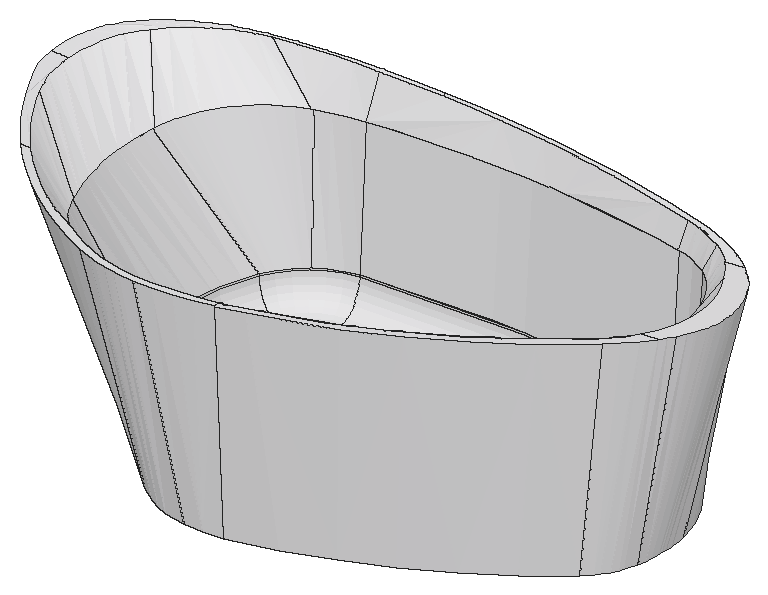
Revit family "Bath-Freestanding-KOHLER-Veil-K-8331_1", category Plumbing Fixtures, host Face, Revit 2022
Family settings
  Host = Face
  Round Connector Dimension = Use Diameter
  Part Type = Normal
  OmniClass Number = 23.31.15.00
  OmniClass Title = Bathtubs
  Cut with Voids When Loaded = No
  Maintain Annotation Orientation = No
  Shared = No
  Room Calculation Point = No
Parameters (values of type "White Drain, 0-White")
  Width = 65 99/256"  # constant formula
  WaterSense Certified = 1 = 0  # no
  Waste Water Outlet = "Waste Water Outlet"  # constant formula
  Waste Connection = 1 = 1  # yes
  Vent Connection = 1 = 0  # no
  URL = "http://www.us.kohler.com/us/"
  Secondary Finish = Kohler-Metal-0-White
  Product Page URL = "http://www.us.kohler.com/us/catalog/productDetails.jsp?productId=8331"
  Product Name = "Veil"  # constant formula
  Product Documentation Link = "https://www.us.kohler.com/webassets/kpna/catalog/pdf/en/K-8331_spec_US-CA_Kohler_en.pdf"
  Model = "K-8331-0"  # constant formula
  Material = "Lithocast Gloss"  # constant formula
  Master Format 2014 Name = "Residential Bathtubs"  # constant formula
  Master Format 2014 = "22 41 19"  # constant formula
  Manufacturer Address = "444 Highland Dr, Kohler, WI 53044"  # constant formula
  Manufacturer = "Kohler Co."  # constant formula
  Length = 36 235/256"  # constant formula
  Hot Water Inlet = "Hot Water Inlet"  # constant formula
  Height = 24 3/8"  # constant formula
  HW Connection = 1 = 0  # no
  Finish = Kohler-Lithocast-0-White
  Environmental Product Declaration = ""
  Drain Included = 1 = 1  # yes
  Description = "65-7/16 inch x 36-7/16 inch freestanding bath with center toe-tap drain"  # constant formula
  Default Elevation = 0"
  Declare Label = ""
  Date Modified = "05/11/2022"  # constant formula
  Date Created = "05/11/2022"  # constant formula
  Copyright = "Copyright Kohler Co."  # constant formula
  Contact Us = "https://www.us.kohler.com/us/static/contact.jsp"
  Cold Water Inlet = "Cold Water Inlet"  # constant formula
  CW Connection = 1 = 0  # no
  Assembly Code = "D2010500"
  ADA Compliant = 1 = 0  # no
Types (4): name | Secondary Finish
  (no name) | Kohler-Metal-0-White
  White Drain, 0-White | Kohler-Metal-0-White
  Vibrant Brushed Nickel Drain, 0-White | Kohler-Metal-BN-Vibrant_Brushed_Nickel
  Polished Chrome Drain, 0-White | Kohler-Metal-CP-Polished_Chrome
Reference planes (in)
  plane 1 "Center (Front/Back)": y = 0
  plane 2: z = 0
  plane 3 "Center (Left/Right)": x = 0
  plane 4: x = 32.46063
  plane 5: x = -32.92609
  plane 6: y = 15.125
  plane 7: y = -21.79297
  plane 8: z = 24.375
  plane 9: x = 16.58268
  plane 10: y = 1.10531
  plane 11: y = -3.33366
  plane 12: x = -23.86842
  plane 13: x = -19.26354
  plane 14: x = 27.27189
  plane 15: x = 28.06072
  plane 16: y = 13.61353
  plane 17: y = -18.5231
  plane 18: y = -20.09217
  plane 19: z = 0.3937
Dimensions and locks (in)
  "Height": plane 8 to level
  plane 9 to plane 4 = 15.87795"
  plane 10 to plane 6 = 14.01969"
  "Length": plane 7 to plane 6
  "Width": plane 5 to plane 4
  plane 18 to plane 16 = 33.70571"
  plane 17 to plane 16 = 32.13663"
  plane 12 to plane 15 = 51.92913"
  plane 13 to plane 14 = 46.53543"
  plane 4 to plane 5 = 65 99/256"
  plane 6 to plane 7 = 36 235/256"
  aligned and locked: plane 2 to host face
  aligned and locked: level to host face
Automatic sketch dimensions
  host sketch curve to host sketch curve = 96"  (x2)
Nested families (in)
  nested 1: "K-8331" at (0, 0, 0), type "K-8331"
Connectors (in)
  piping at (16.58268, 1.10531, 0.36588), diameter 1.5, driven by "Waste Connection", driven by "Waste Water Outlet"
    settings: on nested 1, index 1, connector inside diameter 24", connector length 0", flow factor 0, pipe flow 0 GPM, pressure drop 0.00 psi, fitting loss kfactor 0, connector angle 0.00°, fixture units 0, engagement length 0", angle of deflection 0.00°, flow configuration 0, flow direction 2, fitting loss method 0, system type 16, joint type 0, gender type 0, connector reference index -1, connector utility 1, adjustable connector no, is connector primary yes, connector description "Waste Water Outlet"
Definition of nested family "K-8331"
  Parameters (values of type "K-8331")
    Sec finish = none
    Material = none
    Default Elevation = 0"
  Reference planes (in)
    plane 1 "Center (Front/Back)": y = 0
    plane 2: z = 0
    plane 3 "Center (Left/Right)": x = 0
    plane 4: y = 15.125
    plane 5: y = -21.79232
    plane 6: x = 32.46063
    plane 7: x = -32.9252
    plane 8: z = 24.37008
    plane 9: x = 16.58268
    plane 10 "Drain": y = 1.10531
    plane 11: x = 26.98204
    plane 12: y = -18.5231
    plane 13: y = -20.09217
    plane 14: y = 13.61353
    plane 15: x = 28.06072
    plane 16: x = 27.27189
    plane 17: x = -23.86842
    plane 18: x = -19.26354
  Forms (in)
    Blend 1, solid, material <- "Material", detail levels medium+fine
      base sketch origin (-80.78691, -73.24896, 0) x (0.987688, 0.156434, 0) y (-0.156434, 0.987688, 0)
        loop
          arc (72.40817, 65.46089) -> (72.21134, 63.1722) -> (72.21789, 60.87507) r 25.92512
          arc (72.21789, 60.87507) -> (74.03802, 52.48226) -> (78.50008, 45.14454) r 25.92512
          arc (78.50008, 45.14454) -> (80.98865, 42.99074) -> (83.98819, 41.63628) r 11.41732
          arc (83.98819, 41.63628) -> (85.92448, 41.25787) -> (87.89701, 41.21844) r 11.41732
          arc (87.89701, 41.21844) -> (101.98186, 43.88566) -> (115.02152, 49.84085) r 59.56272
          arc (115.02152, 49.84085) -> (116.88332, 51.45587) -> (118.1192, 53.58829) r 7.48031
          arc (118.1192, 53.58829) -> (118.86545, 56.34747) -> (119.07363, 59.1982) r 14.96863
          arc (119.07363, 59.1982) -> (118.7793, 61.51176) -> (118.01437, 63.71496) r 11.25287
          arc (118.01437, 63.71496) -> (116.23932, 66.12756) -> (113.67618, 67.6773) r 7.67717
          arc (113.67618, 67.6773) -> (98.09727, 71.94688) -> (82.03716, 73.68025) r 101.07915
          arc (82.03716, 73.68025) -> (79.80655, 73.47606) -> (77.68668, 72.75255) r 9.44882
          arc (77.68668, 72.75255) -> (74.12331, 69.7757) -> (72.40817, 65.46089) r 9.44882
      top sketch origin (-80.78691, -73.24896, 0) x (0.987688, 0.156434, 0) y (-0.156434, 0.987688, 0)
        loop
          arc (63.20718, 72.76576) -> (59.20206, 68.07924) -> (58.69084, 61.93571) r 10.03937
          arc (58.69084, 61.93571) -> (64.3821, 49.76474) -> (74.51251, 40.93877) r 32.47781
          arc (74.51251, 40.93877) -> (77.34863, 39.70611) -> (80.37096, 39.05144) r 15.74803
          arc (80.37096, 39.05144) -> (84.34714, 38.78202) -> (88.33098, 38.88951) r 42.12967
          arc (88.33098, 38.88951) -> (103.73791, 42.07317) -> (117.81587, 49.096) r 60.92271
          arc (117.81587, 49.096) -> (120.22874, 50.96546) -> (122.37035, 53.14039) r 22.8061
          arc (122.37035, 53.14039) -> (124.51435, 58.81653) -> (122.50259, 64.54088) r 8.85827
          arc (122.50259, 64.54088) -> (120.88439, 66.19) -> (119.00131, 67.52872) r 13.08196
          arc (119.00131, 67.52872) -> (116.69713, 68.73072) -> (114.28685, 69.7026) r 26.65327
          arc (114.28685, 69.7026) -> (98.52898, 74.00458) -> (82.33336, 76.13045) r 120.20416
          arc (82.33336, 76.13045) -> (77.08596, 76.21314) -> (71.85377, 75.80541) r 56.13385
          arc (71.85377, 75.80541) -> (67.3676, 74.74889) -> (63.20718, 72.76576) r 21.6268
      from 0 to 24.58641
    Sweep 2, void
      path origin (8.10504, -59.16986, 0.875) x (-0.156434, 0.987688, 0) y (0, 0, 1)
        loop
          line (36.12827, 21.72931) -> (38.62827, 21.72931) -> (52.12622, 21.4937)
          arc (52.12622, 21.4937) -> (58.63608, 21.47345) -> (65.14385, 21.63992) r 226.9498
          arc (65.14385, 21.63992) -> (72.16893, 22.41819) -> (79.01521, 24.17485) r 50.22875
      profile origin (2.45333, -23.48639, 22.60431) x (0, 0, -1) y (0.987688, 0.156434, 0)
        loop
          line (0.61082, 35.32831) -> (-4.55764, 35.32831) -> (-4.55764, -34.35674) -> (-2.05764, -34.35674)
          arc (-2.05764, -34.35674) -> (-0.05741, -18.10285) -> (0.61082, -1.73998) r 200.67231
          line (0.61082, -1.73998) -> (0.61082, 35.32831)
    Blend 3, void
      base sketch origin (-0.81971, -2.82121, 0) x (0.987688, 0.156434, 0) y (-0.156434, 0.987688, 0)
        loop
          arc (-15.06104, -8.79703) -> (-12.32139, -11.9919) -> (-8.72513, -14.1782) r 13.38583
          arc (-8.72513, -14.1782) -> (-5.99406, -14.96934) -> (-3.1575, -15.1658) r 13.38583
          arc (-3.1575, -15.1658) -> (11.79655, -12.54474) -> (25.49337, -5.99563) r 55.88609
          arc (25.49337, -5.99563) -> (26.90089, -4.67951) -> (27.79033, -2.97007) r 5.70866
          arc (27.79033, -2.97007) -> (28.49148, 0.67979) -> (28.30212, 4.39157) r 15.47406
          arc (28.30212, 4.39157) -> (27.44572, 6.86007) -> (25.8456, 8.92562) r 8.07087
          arc (25.8456, 8.92562) -> (24.49751, 9.93868) -> (22.96834, 10.64951) r 8.07087
          arc (22.96834, 10.64951) -> (7.61286, 14.63928) -> (-8.17054, 16.24968) r 104.11788
          arc (-8.17054, 16.24968) -> (-10.13709, 16.05152) -> (-11.99234, 15.36988) r 7.87402
          arc (-11.99234, 15.36988) -> (-13.73954, 14.13799) -> (-15.09098, 12.48152) r 7.87402
          arc (-15.09098, 12.48152) -> (-17.59689, 6.25599) -> (-17.94371, -0.44598) r 20.36921
          arc (-17.94371, -0.44598) -> (-16.96058, -4.77967) -> (-15.06104, -8.79703) r 20.36921
      top sketch origin (-0.81971, -2.82121, 0) x (0.987688, 0.156434, 0) y (-0.156434, 0.987688, 0)
        loop
          arc (-19.50892, -9.84782) -> (-15.34032, -13.81502) -> (-10.03491, -16.04406) r 15.94488
          arc (-10.03491, -16.04406) -> (-5.33551, -16.67357) -> (-0.59673, -16.51659) r 28.54737
          arc (-0.59673, -16.51659) -> (13.28649, -13.22551) -> (26.03463, -6.8177) r 61.37344
          spline (26.03463, -6.8177) -> (26.3446, -6.60077) -> (26.64179, -6.36671) -> (26.92529, -6.11628) -> (27.19418, -5.85024) -> (27.44759, -5.56939) -> (27.68474, -5.27465) -> (27.90491, -4.96702) -> (28.10734, -4.64745) -> (28.29134, -4.31694) -> (28.45638, -3.97656) -> (28.60196, -3.62738) -> (28.72761, -3.27049)
          spline (28.72761, -3.27049) -> (28.91651, -2.63768) -> (29.07986, -1.99783) -> (29.21744, -1.35195) -> (29.32899, -0.70106) -> (29.41432, -0.04621) -> (29.47332, 0.61155) -> (29.50591, 1.27115) -> (29.51202, 1.93149) -> (29.4916, 2.59153) -> (29.44472, 3.25022) -> (29.37148, 3.90652) -> (29.27196, 4.5594)
          spline (29.27196, 4.5594) -> (29.17518, 5.04049) -> (29.0525, 5.51559) -> (28.90431, 5.98334) -> (28.731, 6.44238) -> (28.53302, 6.89136) -> (28.31101, 7.32897) -> (28.06568, 7.75393) -> (27.79772, 8.16495) -> (27.50789, 8.56077) -> (27.19703, 8.94031) -> (26.86606, 9.30253) -> (26.51586, 9.64638)
          spline (26.51586, 9.64638) -> (26.2808, 9.85742) -> (26.03853, 10.06013) -> (25.78935, 10.25427) -> (25.53356, 10.43961) -> (25.27147, 10.61592) -> (25.0034, 10.78298) -> (24.72965, 10.94056) -> (24.45056, 11.08849) -> (24.16648, 11.22661) -> (23.87776, 11.35476) -> (23.58474, 11.47278) -> (23.28777, 11.58049)
          spline (23.28777, 11.58049) -> (20.74976, 12.41515) -> (18.19132, 13.18493) -> (15.61415, 13.88943) -> (13.01993, 14.52829) -> (10.41033, 15.10111) -> (7.78703, 15.6075) -> (5.15172, 16.04708) -> (2.50608, 16.4195) -> (-0.14818, 16.72451) -> (-2.80935, 16.96197) -> (-5.4757, 17.13173) -> (-8.14553, 17.23361)
          arc (-8.14553, 17.23361) -> (-10.42386, 17.17381) -> (-12.68387, 16.87937) r 22.06966
          arc (-12.68387, 16.87937) -> (-18.71032, 13.84899) -> (-22.15211, 8.04766) r 12.00787
          arc (-22.15211, 8.04766) -> (-22.91207, 1.47865) -> (-21.88481, -5.0539) r 24.46278
          arc (-21.88481, -5.0539) -> (-20.89937, -7.55122) -> (-19.50892, -9.84782) r 15.94488
      from 6.30023 to 19.68134
    Sweep 4, void
      path origin (-0.81971, -2.82121, 0) x (0.987688, 0.156434, 0) y (-0.156434, 0.987688, 0)
        loop
          arc (-15.09098, 12.48152) -> (-18.07541, 1.83803) -> (-15.06104, -8.79703) r 20.36921
          arc (-15.06104, -8.79703) -> (-9.97096, -13.59195) -> (-3.1575, -15.1658) r 13.38583
          arc (-3.1575, -15.1658) -> (11.79655, -12.54474) -> (25.49337, -5.99563) r 55.88609
          arc (25.49337, -5.99563) -> (26.90089, -4.67951) -> (27.79033, -2.97007) r 5.70866
          arc (27.79033, -2.97007) -> (28.49148, 0.67979) -> (28.30212, 4.39157) r 15.47406
          arc (28.30212, 4.39157) -> (26.49192, 8.25071) -> (22.96834, 10.64951) r 8.07087
          arc (22.96834, 10.64951) -> (7.61286, 14.63928) -> (-8.17054, 16.24968) r 104.11788
          arc (-8.17054, 16.24968) -> (-12.13603, 15.29355) -> (-15.09098, 12.48152) r 7.87402
      profile origin (-18.96011, -3.83343, 0) x (0.987467, 0.157824, 0) y (0, 0, 1)
        loop
          line (3.75006, 3.0717) -> (3.75006, 6.30023) -> (0, 6.30023) -> (0, 6.14257)
          arc (0, 6.14257) -> (0.89944, 3.97114) -> (3.07087, 3.0717) r 3.07087
          line (3.07087, 3.0717) -> (3.75006, 3.0717)
    Extrusion 5, void
      sketch origin (-0.81971, -2.82121, 0) x (0.987688, 0.156434, 0) y (-0.156434, 0.987688, 0)
        loop
          arc (-11.89037, 10.52729) -> (-14.32535, 1.8433) -> (-11.86594, -6.83379) r 16.61915
          arc (-11.86594, -6.83379) -> (-8.20185, -10.28541) -> (-3.2972, -11.41834) r 9.63577
          arc (-3.2972, -11.41834) -> (10.65341, -8.97316) -> (23.43115, -2.86351) r 52.13602
          arc (23.43115, -2.86351) -> (23.91406, -2.41196) -> (24.21922, -1.82546) r 1.9586
          arc (24.21922, -1.82546) -> (24.75045, 0.93988) -> (24.60698, 3.75212) r 11.724
          arc (24.60698, 3.75212) -> (23.63787, 5.81815) -> (21.7515, 7.10236) r 4.32081
          arc (21.7515, 7.10236) -> (6.94908, 10.94843) -> (-8.26584, 12.50083) r 100.36782
          arc (-8.26584, 12.50083) -> (-10.34274, 12.00007) -> (-11.89037, 10.52729) r 4.12395
      from 3.0717 to 6.30023
    Extrusion 6, void, detail levels medium+fine
      sketch origin (-0.81971, -2.82121, 0) x (0.987688, 0.156434, 0) y (-0.156434, 0.987688, 0)
        loop
          arc (-16.99559, 3.86115) -> (-15.23073, -4.27675) -> (-10.90419, -11.39161) r 25.13772
          arc (-10.90419, -11.39161) -> (-8.58726, -13.39687) -> (-5.79458, -14.65791) r 10.62992
          arc (-5.79458, -14.65791) -> (-3.99182, -15.01023) -> (-2.15533, -15.04694) r 10.62992
          arc (-2.15533, -15.04694) -> (11.74332, -12.41498) -> (24.6106, -6.53851) r 58.77532
          arc (24.6106, -6.53851) -> (26.27642, -5.0935) -> (27.38221, -3.18554) r 6.69291
          arc (27.38221, -3.18554) -> (28.08921, -0.5715) -> (28.28643, 2.12926) r 14.18123
          arc (28.28643, 2.12926) -> (28.0127, 4.28094) -> (27.30129, 6.32997) r 10.46547
          arc (27.30129, 6.32997) -> (25.7083, 8.49512) -> (23.40805, 9.88592) r 6.88976
          arc (23.40805, 9.88592) -> (7.9505, 14.12224) -> (-7.98451, 15.84211) r 100.29175
          arc (-7.98451, 15.84211) -> (-10.02923, 15.65493) -> (-11.97245, 14.99171) r 8.66142
          arc (-11.97245, 14.99171) -> (-15.23887, 12.26293) -> (-16.81108, 8.30769) r 8.66142
          arc (-16.81108, 8.30769) -> (-17.00193, 6.08851) -> (-16.99559, 3.86115) r 25.13772
      from 0 to 2.31891
    Extrusion 7, void, detail levels medium+fine
      sketch origin (11.88751, -7.37883, 0) x (-0.601815, -0.798636, 0) y (0, 0, 1)
        loop
          line (-8.82228, 19.25) -> (-10.82228, 19.25)
          arc (-10.82228, 19.25) -> (-11.07228, 19) -> (-10.82228, 18.75) r 0.25
          line (-10.82228, 18.75) -> (-8.82228, 18.75)
          arc (-8.82228, 18.75) -> (-8.57228, 19) -> (-8.82228, 19.25) r 0.25
      from -11.18344 to -8.54181
    Revolve 8, solid, material <- "Sec finish", detail levels medium+fine
      sketch origin (0, 1.10531, 0) x (-1, 0, 0) y (0, 0, 1)
        loop
          line (-16.58268, 3.20154) -> (-16.58268, 2.14138) -> (-15.65518, 2.14138) -> (-15.65518, 2.51288) -> (-15.19811, 2.51288)
          arc (-15.19811, 2.51288) -> (-15.15411, 2.55688) -> (-15.19811, 2.60088) r 0.044
          line (-15.19811, 2.60088) -> (-15.94843, 2.60088) -> (-15.94843, 2.87104) -> (-15.19752, 2.87104)
          arc (-15.19752, 2.87104) -> (-15.15734, 2.90464) -> (-15.18331, 2.95013) r 0.04082
          arc (-15.18331, 2.95013) -> (-15.87179, 3.13819) -> (-16.58268, 3.20154) r 4.02012
        axis (-16.58268, 3.20154) -> (-16.58268, 2.14138)
      angle from 0 to 360
    Revolve 9, solid, material <- "Material", detail levels medium+fine
      sketch origin (0, 1.10531, 0) x (-1, 0, 0) y (0, 0, 1)
        loop
          line (-16.58268, 1.47465) -> (-16.58268, 0.36588) -> (-15.85015, 0.36588) -> (-15.85015, 0.11588) -> (-15.70497, 0.11588) -> (-15.6533, 0.16755) -> (-15.6533, 0.91988) -> (-15.54577, 0.91988) -> (-15.54577, 1.12637) -> (-15.3231, 1.12637) -> (-15.3231, 1.19288) -> (-15.08875, 1.19288) -> (-15.0817, 1.23288) -> (-15.44778, 1.23288)
          arc (-15.44778, 1.23288) -> (-15.27682, 1.30369) -> (-15.20601, 1.47465) r 0.24177
          line (-15.20601, 1.47465) -> (-16.58268, 1.47465)
        axis (-16.58268, 0.11588) -> (-16.58268, 1.47465)
      angle from 0 to 360
    Revolve 10, void
      sketch origin (0, 1.10531, 0) x (-1, 0, 0) y (0, 0, 1)
        loop
          line (-16.58268, 3.0717) -> (-16.58268, 2.51288) -> (-15.26464, 2.51288)
          arc (-15.26464, 2.51288) -> (-15.17375, 2.53512) -> (-15.10339, 2.59682) r 0.19685
          line (-15.10339, 2.59682) -> (-14.92942, 2.84527)
          arc (-14.92942, 2.84527) -> (-14.73964, 3.0117) -> (-14.49446, 3.0717) r 0.531
          line (-14.49446, 3.0717) -> (-16.58268, 3.0717)
        axis (-16.58268, 2.51288) -> (-16.58268, 3.0717)
      angle from 0 to 360
    Revolve 11, solid, material <- "Material", detail levels medium+fine
      sketch origin (0, 1.10531, 0) x (-1, 0, 0) y (0, 0, 1)
        loop
          line (-16.58268, 2.31891) -> (-16.58268, 1.44941) -> (-14.51415, 1.44941)
          arc (-14.51415, 1.44941) -> (-14.18258, 1.57487) -> (-14.01712, 1.88839) r 0.50086
          arc (-14.01712, 1.88839) -> (-13.86941, 2.1831) -> (-13.56903, 2.31891) r 0.49319
          line (-13.56903, 2.31891) -> (-16.58268, 2.31891)
        axis (-16.58268, 1.44941) -> (-16.58268, 2.31891)
      angle from 0 to 360
    Sweep 12, solid, material <- "Material", detail levels medium+fine
      path origin (0, 0, 0) x (1, 0, 0) y (0, 1, 0)
        loop
          arc (26.29611, -3.62003) -> (25.59455, -3.65254) -> (24.94862, -3.37682) r 1.5748
          line (24.94862, -3.37682) -> (18.38921, 1.38888)
          arc (18.38921, 1.38888) -> (16.60196, 1.1058) -> (16.88503, -0.68144) r 1.27953
          line (16.88503, -0.68144) -> (23.41092, -5.42277)
          arc (23.41092, -5.42277) -> (23.78506, -5.98799) -> (23.69669, -6.66003) r 0.96788
      profile origin (20.14798, -3.05211, 0) x (0.587785, 0.809017, 0) y (0, 0, 1)
        loop
          line (0.70247, 1.44941) -> (1.07972, 1.44941) -> (1.07972, 2.40375) -> (-0.45123, 2.40375)
          arc (-0.45123, 2.40375) -> (-0.08821, 2.27736) -> (0.10688, 1.94614) r 0.55787
          arc (0.10688, 1.94614) -> (0.3147, 1.58989) -> (0.70247, 1.44941) r 0.60544
    Extrusion 13, void
      sketch origin (0, 0, 0) x (1, 0, 0) y (0, 1, 0)
        loop
          line (23.4395, -6.77454) -> (24.83144, -8.16648) -> (27.85295, -5.14497) -> (26.46101, -3.75303) -> (23.4395, -6.77454)
      from 0.91988 to 2.87104
    Extrusion 14, solid, material <- "Material", detail levels medium+fine
      sketch origin (0, 0, 0) x (1, 0, 0) y (0, 1, 0)
        loop
          arc (24.04556, -4.54926) -> (24.46375, -4.95576) -> (24.75038, -5.46366) r 2.0476
          line (24.75038, -5.46366) -> (25.48538, -4.72866)
          arc (25.48538, -4.72866) -> (24.87076, -4.56031) -> (24.31398, -4.25033) r 2.65452
          line (24.31398, -4.25033) -> (17.65727, 0.58605)
          arc (17.65727, 0.58605) -> (17.37818, 0.54185) -> (17.42238, 0.26276) r 0.19981
          line (17.42238, 0.26276) -> (24.04556, -4.54926)
      from 1.44941 to 2.31891
    Blend 15, solid, material <- "Material", detail levels coarse
      base sketch origin (0, 0, 0) x (1, 0, 0) y (0, 1, 0)
        loop
          arc (-11.33947, 14.43203) -> (-16.49876, 13.698) -> (-21.56695, 12.48537) r 55.74015
          arc (-21.56695, 12.48537) -> (-25.75496, 10.77184) -> (-29.48477, 8.20979) r 21.2331
          arc (-29.48477, 8.20979) -> (-32.58107, 3.16053) -> (-32.14282, -2.74624) r 9.64567
          arc (-32.14282, -2.74624) -> (-24.70889, -13.74214) -> (-13.46054, -20.78823) r 32.08411
          arc (-13.46054, -20.78823) -> (-10.54136, -21.54271) -> (-7.53102, -21.71217) r 15.35433
          arc (-7.53102, -21.71217) -> (-3.59874, -21.35959) -> (0.28263, -20.63703) r 41.73597
          arc (0.28263, -20.63703) -> (14.90671, -15.11828) -> (27.62998, -6.0387) r 60.52901
          arc (27.62998, -6.0387) -> (29.6846, -3.85319) -> (31.42897, -1.41288) r 22.4124
          arc (31.42897, -1.41288) -> (32.60398, 4.2647) -> (29.84961, 9.36656) r 8.46457
          arc (29.84961, 9.36656) -> (28.04922, 10.70084) -> (26.04218, 11.69758) r 12.68826
          arc (26.04218, 11.69758) -> (23.61473, 12.51211) -> (21.11949, 13.08636) r 26.25957
          arc (21.11949, 13.08636) -> (4.93583, 14.86446) -> (-11.33947, 14.43203) r 119.81046
      top sketch origin (0, 0, 0) x (1, 0, 0) y (0, 1, 0)
        loop
          spline (-15.06878, 10.48342) -> (-15.3516, 10.26495) -> (-15.62422, 10.03388) -> (-15.88608, 9.79067) -> (-16.13663, 9.53583) -> (-16.37535, 9.26988) -> (-16.60177, 8.99338) -> (-16.8154, 8.70689) -> (-17.01581, 8.411) -> (-17.2026, 8.10632) -> (-17.37536, 7.79347) -> (-17.53375, 7.47311) -> (-17.67744, 7.1459)
          spline (-17.67744, 7.1459) -> (-18.07688, 6.09586) -> (-18.41783, 5.02538) -> (-18.69923, 3.93772) -> (-18.92022, 2.8362) -> (-19.0802, 1.72418) -> (-19.1786, 0.60502) -> (-19.21515, -0.51787) -> (-19.18972, -1.64105) -> (-19.1023, -2.76111) -> (-18.95332, -3.87466) -> (-18.74329, -4.97832) -> (-18.47274, -6.06871)
          spline (-18.47274, -6.06871) -> (-18.2612, -6.77999) -> (-18.02389, -7.48309) -> (-17.76113, -8.17709) -> (-17.47326, -8.86105) -> (-17.16067, -9.53407) -> (-16.82378, -10.19525) -> (-16.46302, -10.84373) -> (-16.07889, -11.47864) -> (-15.67188, -12.09913) -> (-15.24254, -12.70439) -> (-14.79144, -13.2936) -> (-14.31917, -13.866)
          spline (-14.31917, -13.866) -> (-13.84721, -14.38875) -> (-13.34842, -14.88597) -> (-12.82415, -15.35625) -> (-12.27587, -15.79831) -> (-11.70512, -16.21094) -> (-11.11345, -16.59297) -> (-10.5025, -16.94335) -> (-9.87397, -17.2611) -> (-9.22958, -17.54531) -> (-8.57114, -17.79526) -> (-7.90049, -18.01029) -> (-7.21947, -18.18976)
          spline (-7.21947, -18.18976) -> (-6.75549, -18.29038) -> (-6.28824, -18.37449) -> (-5.8183, -18.44197) -> (-5.34626, -18.49274) -> (-4.87272, -18.52675) -> (-4.39826, -18.54393) -> (-3.9235, -18.54429) -> (-3.44903, -18.52781) -> (-2.97543, -18.49451) -> (-2.50332, -18.44443) -> (-2.03328, -18.37765) -> (-1.5659, -18.29424)
          spline (-1.5659, -18.29424) -> (0.91252, -17.74769) -> (3.36357, -17.08919) -> (5.78219, -16.32006) -> (8.16338, -15.44191) -> (10.50229, -14.45661) -> (12.79403, -13.36612) -> (15.03391, -12.1727) -> (17.21727, -10.8788) -> (19.33957, -9.48702) -> (21.39653, -8.00036) -> (23.38398, -6.42197) -> (25.29771, -4.75499)
          spline (25.29771, -4.75499) -> (25.52989, -4.53093) -> (25.74904, -4.29411) -> (25.95445, -4.04528) -> (26.14548, -3.78524) -> (26.32152, -3.51484) -> (26.482, -3.23491) -> (26.6264, -2.94636) -> (26.75428, -2.65011) -> (26.86521, -2.34711) -> (26.95885, -2.03832) -> (27.03489, -1.72473) -> (27.09309, -1.40735)
          spline (27.09309, -1.40735) -> (27.17544, -0.79195) -> (27.23304, -0.17374) -> (27.26579, 0.44628) -> (27.27364, 1.06712) -> (27.25659, 1.68778) -> (27.21464, 2.30726) -> (27.14788, 2.92456) -> (27.05641, 3.53868) -> (26.94035, 4.14863) -> (26.79993, 4.75344) -> (26.63539, 5.35212) -> (26.44697, 5.94371)
          spline (26.44697, 5.94371) -> (26.29473, 6.35372) -> (26.12051, 6.75487) -> (25.92481, 7.14599) -> (25.7082, 7.52593) -> (25.47135, 7.89359) -> (25.21493, 8.24788) -> (24.9397, 8.58776) -> (24.64645, 8.91222) -> (24.33604, 9.22029) -> (24.00941, 9.51111) -> (23.66754, 9.78384) -> (23.31141, 10.03766)
          spline (23.31141, 10.03766) -> (23.07508, 10.19067) -> (22.83355, 10.33536) -> (22.58712, 10.47153) -> (22.33609, 10.59902) -> (22.08077, 10.71768) -> (21.82147, 10.82736) -> (21.5585, 10.92793) -> (21.29218, 11.01926) -> (21.02283, 11.10126) -> (20.75079, 11.1738) -> (20.47639, 11.23682) -> (20.19995, 11.29022)
          spline (20.19995, 11.29022) -> (17.58732, 11.71366) -> (14.96478, 12.07056) -> (12.334, 12.36068) -> (9.69671, 12.58384) -> (7.05459, 12.7399) -> (4.40936, 12.82874) -> (1.76273, 12.85032) -> (-0.8836, 12.80462) -> (-3.52791, 12.69164) -> (-6.16849, 12.5115) -> (-8.80365, 12.26432) -> (-11.43167, 11.95025)
          spline (-11.43167, 11.95025) -> (-11.75809, 11.90003) -> (-12.08211, 11.83618) -> (-12.40318, 11.75879) -> (-12.72071, 11.668) -> (-13.03417, 11.56398) -> (-13.34298, 11.44691) -> (-13.64662, 11.31699) -> (-13.94454, 11.17442) -> (-14.23622, 11.01949) -> (-14.52116, 10.85248) -> (-14.79885, 10.67369) -> (-15.06878, 10.48342)
      from 24.37008 to 0
    Blend 16, void
      base sketch origin (0, 0, 0) x (1, 0, 0) y (0, 1, 0)
        loop
          arc (-31.04868, -2.30143) -> (-23.88842, -12.89254) -> (-13.05414, -19.67925) r 30.903
          arc (-13.05414, -19.67925) -> (-10.35952, -20.37569) -> (-7.58074, -20.53211) r 14.17323
          arc (-7.58074, -20.53211) -> (-3.75974, -20.18951) -> (0.01179, -19.4874) r 40.55487
          arc (0.01179, -19.4874) -> (14.35051, -14.07634) -> (26.82551, -5.17393) r 59.34791
          arc (26.82551, -5.17393) -> (28.77186, -3.10359) -> (30.4243, -0.79188) r 21.23129
          arc (30.4243, -0.79188) -> (31.43535, 4.09348) -> (29.06532, 8.48345) r 7.28346
          arc (29.06532, 8.48345) -> (27.43252, 9.69353) -> (25.6123, 10.59748) r 11.50716
          arc (25.6123, 10.59748) -> (23.29404, 11.37538) -> (20.91103, 11.9238) r 25.07846
          arc (20.91103, 11.9238) -> (4.88691, 13.68437) -> (-11.22795, 13.2562) r 118.62935
          arc (-11.22795, 13.2562) -> (-16.27792, 12.53773) -> (-21.23872, 11.35079) r 54.55905
          arc (-21.23872, 11.35079) -> (-25.19376, 9.73257) -> (-28.71611, 7.31304) r 20.052
          arc (-28.71611, 7.31304) -> (-31.43326, 2.88206) -> (-31.04868, -2.30143) r 8.46457
      top sketch origin (0, 0, 0) x (1, 0, 0) y (0, 1, 0)
        loop
          spline (-17.3347, -5.7527) -> (-17.13541, -6.42273) -> (-16.91186, -7.08506) -> (-16.66434, -7.73881) -> (-16.39318, -8.38311) -> (-16.0987, -9.0171) -> (-15.78133, -9.63995) -> (-15.4415, -10.25083) -> (-15.07965, -10.84893) -> (-14.69623, -11.43343) -> (-14.29178, -12.00359) -> (-13.86685, -12.55864) -> (-13.42197, -13.09785)
          spline (-13.42197, -13.09785) -> (-12.99162, -13.57439) -> (-12.53675, -14.02761) -> (-12.05871, -14.45636) -> (-11.55886, -14.85948) -> (-11.03854, -15.23582) -> (-10.49911, -15.58421) -> (-9.94198, -15.90359) -> (-9.36877, -16.19319) -> (-8.78115, -16.45232) -> (-8.18082, -16.68031) -> (-7.56945, -16.87647) -> (-6.94872, -17.04011)
          spline (-6.94872, -17.04011) -> (-6.52568, -17.13185) -> (-6.09965, -17.20852) -> (-5.67118, -17.27006) -> (-5.24079, -17.31636) -> (-4.80903, -17.34735) -> (-4.37644, -17.36302) -> (-3.94357, -17.36335) -> (-3.51096, -17.34833) -> (-3.07916, -17.31796) -> (-2.6487, -17.2723) -> (-2.22013, -17.21142) -> (-1.79399, -17.13537)
          spline (-1.79399, -17.13537) -> (0.63201, -16.60029) -> (3.03124, -15.95561) -> (5.39877, -15.2028) -> (7.72967, -14.34332) -> (10.01907, -13.37875) -> (12.26233, -12.31126) -> (14.4549, -11.14314) -> (16.59218, -9.87667) -> (18.66969, -8.5143) -> (20.68323, -7.05902) -> (22.62867, -5.51396) -> (24.50188, -3.88226)
          spline (24.50188, -3.88226) -> (24.68598, -3.70457) -> (24.85978, -3.51673) -> (25.02271, -3.31938) -> (25.17425, -3.11315) -> (25.31385, -2.89867) -> (25.44112, -2.67666) -> (25.55566, -2.44782) -> (25.6571, -2.21286) -> (25.74506, -1.97252) -> (25.81931, -1.72759) -> (25.87963, -1.47889) -> (25.9258, -1.22724)
          spline (25.9258, -1.22724) -> (26.00185, -0.65882) -> (26.05504, -0.08779) -> (26.0853, 0.48491) -> (26.09257, 1.05837) -> (26.0768, 1.63164) -> (26.03806, 2.20381) -> (25.9764, 2.77399) -> (25.89193, 3.34125) -> (25.78472, 3.90469) -> (25.65501, 4.46337) -> (25.50302, 5.01636) -> (25.329, 5.56274)
          spline (25.329, 5.56274) -> (25.19902, 5.9127) -> (25.05027, 6.25515) -> (24.88321, 6.58905) -> (24.69834, 6.91341) -> (24.49616, 7.22723) -> (24.27728, 7.52963) -> (24.04235, 7.81977) -> (23.79201, 8.09678) -> (23.52695, 8.35984) -> (23.24803, 8.60816) -> (22.95618, 8.84099) -> (22.6523, 9.05757)
          spline (22.6523, 9.05757) -> (22.45055, 9.18818) -> (22.24435, 9.31168) -> (22.03399, 9.42792) -> (21.8197, 9.53676) -> (21.60175, 9.63806) -> (21.3804, 9.7317) -> (21.15591, 9.81754) -> (20.92856, 9.8955) -> (20.69863, 9.96548) -> (20.4664, 10.02742) -> (20.23216, 10.08123) -> (19.99618, 10.12683)
          spline (19.99618, 10.12683) -> (17.41319, 10.54546) -> (14.82039, 10.8983) -> (12.21946, 11.18515) -> (9.61208, 11.4058) -> (6.99994, 11.56004) -> (4.38471, 11.64774) -> (1.7681, 11.66893) -> (-0.84821, 11.62367) -> (-3.46253, 11.51203) -> (-6.07317, 11.33406) -> (-8.67842, 11.08982) -> (-11.27661, 10.77937)
          spline (-11.27661, 10.77937) -> (-11.55403, 10.73668) -> (-11.82943, 10.68237) -> (-12.10232, 10.61659) -> (-12.37224, 10.53944) -> (-12.6387, 10.45104) -> (-12.90124, 10.35153) -> (-13.15938, 10.24103) -> (-13.41266, 10.1198) -> (-13.66063, 9.98808) -> (-13.90283, 9.84613) -> (-14.13883, 9.6942) -> (-14.36816, 9.53256)
          spline (-14.36816, 9.53256) -> (-14.60855, 9.34686) -> (-14.84027, 9.15044) -> (-15.06285, 8.94372) -> (-15.27582, 8.72711) -> (-15.47873, 8.50105) -> (-15.67118, 8.26602) -> (-15.85277, 8.0225) -> (-16.02313, 7.771) -> (-16.18189, 7.51202) -> (-16.32873, 7.2461) -> (-16.46337, 6.9738) -> (-16.58552, 6.69567)
          spline (-16.58552, 6.69567) -> (-16.96167, 5.7065) -> (-17.2827, 4.69803) -> (-17.54779, 3.6734) -> (-17.75614, 2.63578) -> (-17.90694, 1.5883) -> (-17.99961, 0.53412) -> (-18.03401, -0.52358) -> (-18.01008, -1.58163) -> (-17.92778, -2.63683) -> (-17.78742, -3.68595) -> (-17.58954, -4.72567) -> (-17.3347, -5.7527)
      from 24.37008 to 3.49087
    Blend 17, void
      base sketch origin (0, 0, 0) x (1, 0, 0) y (0, 1, 0)
        loop
          arc (-18.40876, -15.46041) -> (-13.72937, -18.68633) -> (-8.20958, -20.04104) r 15.74803
          arc (-8.20958, -20.04104) -> (-3.50225, -19.92844) -> (1.12153, -19.03826) r 28.35052
          arc (1.12153, -19.03826) -> (14.27665, -13.63328) -> (25.82827, -5.33681) r 61.17659
          spline (25.82827, -5.33681) -> (26.09247, -5.08181) -> (26.34183, -4.81231) -> (26.57558, -4.52918) -> (26.79296, -4.23331) -> (26.99325, -3.92559) -> (27.17585, -3.60704) -> (27.3402, -3.2787) -> (27.48574, -2.94161) -> (27.61195, -2.59683) -> (27.71848, -2.24545) -> (27.80502, -1.88861) -> (27.87128, -1.52743)
          spline (27.87128, -1.52743) -> (27.95781, -0.8807) -> (28.01833, -0.23104) -> (28.05275, 0.42053) -> (28.06102, 1.07296) -> (28.04307, 1.72521) -> (27.99898, 2.37622) -> (27.92884, 3.02494) -> (27.83273, 3.6703) -> (27.71079, 4.31126) -> (27.56323, 4.94682) -> (27.39031, 5.57596) -> (27.19228, 6.1977)
          spline (27.19228, 6.1977) -> (27.02516, 6.64771) -> (26.83392, 7.08798) -> (26.61915, 7.51726) -> (26.38144, 7.93428) -> (26.12144, 8.3378) -> (25.83996, 8.72665) -> (25.53788, 9.09972) -> (25.21608, 9.45584) -> (24.87545, 9.79394) -> (24.51701, 10.11309) -> (24.14179, 10.41242) -> (23.75082, 10.69105)
          spline (23.75082, 10.69105) -> (23.49142, 10.85898) -> (23.22632, 11.01776) -> (22.95584, 11.16721) -> (22.68033, 11.30715) -> (22.40011, 11.4374) -> (22.11551, 11.5578) -> (21.82688, 11.66816) -> (21.53458, 11.76839) -> (21.23895, 11.85837) -> (20.94037, 11.938) -> (20.6392, 12.00719) -> (20.3358, 12.06582)
          spline (20.3358, 12.06582) -> (17.7034, 12.49245) -> (15.06102, 12.85204) -> (12.41035, 13.14438) -> (9.75311, 13.36924) -> (7.09103, 13.52643) -> (4.42581, 13.61581) -> (1.75917, 13.63741) -> (-0.90716, 13.59129) -> (-3.57147, 13.47751) -> (-6.23203, 13.29614) -> (-8.88713, 13.04723) -> (-11.53504, 12.73084)
          arc (-11.53504, 12.73084) -> (-13.75598, 12.31907) -> (-15.9226, 11.68045) r 21.87281
          arc (-15.9226, 11.68045) -> (-21.311, 7.80916) -> (-23.76203, 1.6436) r 11.81102
          arc (-23.76203, 1.6436) -> (-23.48725, -4.91025) -> (-21.46711, -11.15105) r 24.26593
          arc (-21.46711, -11.15105) -> (-20.11998, -13.43492) -> (-18.40876, -15.46041) r 15.74803
      top sketch origin (0, 0, 0) x (1, 0, 0) y (0, 1, 0)
        loop
          arc (27.95177, -6.38461) -> (30.0497, -4.15303) -> (31.83084, -1.66128) r 22.88484
          arc (31.83084, -1.66128) -> (33.07143, 4.33319) -> (30.16333, 9.71981) r 8.93701
          arc (30.16333, 9.71981) -> (28.2959, 11.10377) -> (26.21413, 12.13761) r 13.1607
          arc (26.21413, 12.13761) -> (23.74301, 12.9668) -> (21.20288, 13.55139) r 26.73201
          arc (21.20288, 13.55139) -> (4.9554, 15.3365) -> (-11.38408, 14.90236) r 120.2829
          arc (-11.38408, 14.90236) -> (-16.5871, 14.16211) -> (-21.69824, 12.9392) r 56.21259
          arc (-21.69824, 12.9392) -> (-25.97944, 11.18754) -> (-29.79224, 8.56849) r 21.70554
          arc (-29.79224, 8.56849) -> (-33.04019, 3.27192) -> (-32.58048, -2.92417) r 10.11811
          arc (-32.58048, -2.92417) -> (-25.03709, -14.08197) -> (-13.6231, -21.23182) r 32.55655
          arc (-13.6231, -21.23182) -> (-10.6141, -22.00951) -> (-7.51113, -22.18419) r 15.82677
          arc (-7.51113, -22.18419) -> (-3.53434, -21.82762) -> (0.39096, -21.09688) r 42.20841
          arc (0.39096, -21.09688) -> (15.12919, -15.53506) -> (27.95177, -6.38461) r 61.00145
      from 19.47225 to 24.84574
  Cuts and joins
    Sweep 2, Blend 3, Sweep 4, Extrusion 5, Extrusion 6, Extrusion 7, Revolve 10, Blend 17 cuts Blend 1
    Revolve 10 cuts Revolve 9
    Revolve 10 cuts Revolve 11
    Revolve 10, Extrusion 13 cuts Sweep 12
    Revolve 10 cuts Extrusion 14
    joined: Blend 1, Revolve 9, Revolve 11, Sweep 12, Extrusion 14
    Sweep 2, Blend 16 cuts Blend 15
  Lines and regions (in)
    Masking region 1
      outline origin (0, 0, 0) x (1, 0, 0) y (0, 0, 1)
        loop
          line (-19.18615, 0) -> (28.23365, 0) -> (32.46063, 21.74594)
          spline (32.46063, 21.74594) -> (32.33954, 21.75045) -> (32.20565, 21.75536) -> (32.05917, 21.76068) -> (31.90035, 21.76641) -> (31.72943, 21.77251) -> (31.54671, 21.779) -> (31.35247, 21.78586) -> (31.14704, 21.79307) -> (30.93075, 21.80063) -> (30.70396, 21.80852) -> (30.46703, 21.81673) -> (30.22035, 21.82524)
          spline (30.22035, 21.82524) -> (30.00159, 21.83202) -> (29.77936, 21.83888) -> (29.55374, 21.84582) -> (29.32481, 21.85283) -> (29.09264, 21.85993) -> (28.85731, 21.86709) -> (28.6189, 21.87433) -> (28.37748, 21.88163) -> (28.13315, 21.889) -> (27.88597, 21.89643) -> (27.63604, 21.90392) -> (27.38344, 21.91147)
          spline (27.38344, 21.91147) -> (27.08403, 21.92045) -> (26.78144, 21.92992) -> (26.4756, 21.93976) -> (26.16666, 21.94998) -> (25.85476, 21.96058) -> (25.54004, 21.97155) -> (25.22264, 21.98288) -> (24.9027, 21.99456) -> (24.58037, 22.00661) -> (24.2558, 22.019) -> (23.92913, 22.03173) -> (23.60051, 22.0448)
          spline (23.60051, 22.0448) -> (21.22462, 22.13431) -> (18.83767, 22.23612) -> (16.44049, 22.34774) -> (14.03395, 22.4667) -> (11.61889, 22.59051) -> (9.19622, 22.71684) -> (6.76699, 22.84368) -> (4.33223, 22.96904) -> (1.893, 23.09096) -> (-0.54965, 23.20747) -> (-2.99481, 23.31685) -> (-5.44177, 23.41768)
          spline (-5.44177, 23.41768) -> (-5.73727, 23.42942) -> (-6.03276, 23.44145) -> (-6.32823, 23.45379) -> (-6.62368, 23.46642) -> (-6.91911, 23.47935) -> (-7.21452, 23.49258) -> (-7.5099, 23.50611) -> (-7.80526, 23.51993) -> (-8.10058, 23.53405) -> (-8.39588, 23.54846) -> (-8.69114, 23.56318) -> (-8.98637, 23.57819)
          spline (-8.98637, 23.57819) -> (-10.32195, 23.64854) -> (-11.65291, 23.72233) -> (-12.9792, 23.79876) -> (-14.30054, 23.8766) -> (-15.61624, 23.95468) -> (-16.92531, 24.03177) -> (-18.22491, 24.10595) -> (-19.51249, 24.17593) -> (-20.78315, 24.23959) -> (-22.02947, 24.2945) -> (-23.24132, 24.33843) -> (-24.40926, 24.37011)
          arc (-24.40926, 24.37011) -> (-28.62232, 24.40726) -> (-32.83469, 24.32242) r 145.51541
          arc (-32.83469, 24.32242) -> (-32.91358, 24.27429) -> (-32.91329, 24.18188) r 0.09412
          line (-32.91329, 24.18188) -> (-19.18615, 0)
    Masking region 2
      outline origin (0, 0, 0) x (0, 1, 0) y (0, 0, 1)
        loop
          arc (-11.65816, 23.20257) -> (-16.22001, 22.79662) -> (-20.7707, 22.28042) r 189.28887
          arc (-20.7707, 22.28042) -> (-21.20728, 22.21413) -> (-21.63988, 22.12557) r 8.61541
          arc (-21.63988, 22.12557) -> (-21.7562, 22.04745) -> (-21.79109, 21.91175) r 0.19685
          line (-21.79109, 21.91175) -> (-19.32246, 0) -> (13.00788, 0) -> (15.125, 23.27547)
          arc (15.125, 23.27547) -> (15.03801, 23.51693) -> (14.84429, 23.68529) r 0.50923
          arc (14.84429, 23.68529) -> (14.06288, 23.99441) -> (13.24076, 24.16843) r 5.00489
          arc (13.24076, 24.16843) -> (11.94652, 24.29969) -> (10.64755, 24.37008) r 27.71391
          arc (10.64755, 24.37008) -> (4.78091, 24.22071) -> (-1.07949, 23.91169) r 215.54825
          spline (-1.07949, 23.91169) -> (-2.04202, 23.84774) -> (-2.99263, 23.78448) -> (-3.93045, 23.72198) -> (-4.85461, 23.66029) -> (-5.76429, 23.59947) -> (-6.65864, 23.53957) -> (-7.53684, 23.48065) -> (-8.3981, 23.42276) -> (-9.24162, 23.36596) -> (-10.06664, 23.31029) -> (-10.8724, 23.25581) -> (-11.65816, 23.20257)
    Masking region 3
      outline origin (0, 0, 0) x (1, 0, 0) y (0, 1, 0)
        loop
          spline (-26.35237, -11.83472) -> (-25.44434, -12.80529) -> (-24.49831, -13.73765) -> (-23.51505, -14.63124) -> (-22.49679, -15.48454) -> (-21.44539, -16.29639) -> (-20.36255, -17.06572) -> (-19.25001, -17.79147) -> (-18.1095, -18.47265) -> (-16.94274, -19.10826) -> (-15.75161, -19.69728) -> (-14.53837, -20.23852) -> (-13.30387, -20.73157)
          spline (-13.30387, -20.73157) -> (-12.8189, -20.91204) -> (-12.32817, -21.07626) -> (-11.83222, -21.22405) -> (-11.33161, -21.35524) -> (-10.82688, -21.4697) -> (-10.3186, -21.56729) -> (-9.80733, -21.64791) -> (-9.29364, -21.71146) -> (-8.77809, -21.75788) -> (-8.26126, -21.78712) -> (-7.74372, -21.79913) -> (-7.22604, -21.79392)
          spline (-7.22604, -21.79392) -> (-6.5926, -21.76566) -> (-5.95965, -21.72713) -> (-5.32735, -21.67833) -> (-4.69587, -21.61928) -> (-4.0654, -21.54999) -> (-3.43609, -21.47048) -> (-2.80812, -21.38077) -> (-2.18166, -21.28089) -> (-1.55688, -21.17086) -> (-0.93394, -21.05072) -> (-0.31303, -20.92049) -> (0.30569, -20.78014)
          spline (0.30569, -20.78014) -> (2.82875, -20.1291) -> (5.32152, -19.37032) -> (7.77941, -18.5052) -> (10.19787, -17.53534) -> (12.57245, -16.46252) -> (14.89876, -15.28873) -> (17.17251, -14.01612) -> (19.3895, -12.64706) -> (21.54565, -11.18407) -> (23.63697, -9.62983) -> (25.6596, -7.98724) -> (27.60982, -6.2593)
          spline (27.60982, -6.2593) -> (27.88144, -6.00213) -> (28.14808, -5.73978) -> (28.40963, -5.47238) -> (28.66601, -5.2) -> (28.91711, -4.92276) -> (29.16285, -4.64075) -> (29.40313, -4.35408) -> (29.63786, -4.06286) -> (29.86697, -3.76718) -> (30.09036, -3.46717) -> (30.30795, -3.16292) -> (30.51967, -2.85456)
          arc (30.51967, -2.85456) -> (30.90588, -2.25697) -> (31.26995, -1.64564) r 19.42652
          spline (31.26995, -1.64564) -> (31.71307, -0.78712) -> (32.05766, 0.11546) -> (32.29982, 1.05087) -> (32.43699, 2.00708) -> (32.46762, 2.97265) -> (32.39167, 3.93577) -> (32.20987, 4.88456) -> (31.92452, 5.80737) -> (31.5387, 6.69272) -> (31.0568, 7.52986) -> (30.48435, 8.30769) -> (29.82808, 9.01609)
          spline (29.82808, 9.01609) -> (29.76985, 9.07607) -> (29.71122, 9.13567) -> (29.65219, 9.19487) -> (29.59277, 9.25367) -> (29.53296, 9.31207) -> (29.47275, 9.37007) -> (29.41216, 9.42767) -> (29.35119, 9.48486) -> (29.28983, 9.54163) -> (29.22809, 9.598) -> (29.16598, 9.65395) -> (29.10341, 9.70939)
          spline (29.10341, 9.70939) -> (28.88068, 9.90142) -> (28.65353, 10.08818) -> (28.42209, 10.26957) -> (28.18649, 10.44549) -> (27.94685, 10.61584) -> (27.70331, 10.78052) -> (27.456, 10.93946) -> (27.20505, 11.09255) -> (26.95061, 11.23972) -> (26.69282, 11.38088) -> (26.43181, 11.51596) -> (26.16773, 11.64489)
          spline (26.16773, 11.64489) -> (25.76897, 11.83135) -> (25.36617, 12.00888) -> (24.95952, 12.1774) -> (24.54922, 12.33682) -> (24.13548, 12.48706) -> (23.7185, 12.62805) -> (23.29849, 12.75971) -> (22.87565, 12.882) -> (22.4502, 12.99483) -> (22.02235, 13.09816) -> (21.5923, 13.19193) -> (21.16027, 13.27611)
          arc (21.16027, 13.27611) -> (10.84953, 14.67825) -> (0.45346, 15.1245) r 112.82578
          arc (0.45346, 15.1245) -> (-3.54938, 15.09122) -> (-7.55167, 15.01724) r 393.70079
          spline (-7.55167, 15.01724) -> (-7.89258, 14.99609) -> (-8.23342, 14.97401) -> (-8.57418, 14.95101) -> (-8.91486, 14.92708) -> (-9.25547, 14.90223) -> (-9.59598, 14.87645) -> (-9.93641, 14.84974) -> (-10.27675, 14.82211) -> (-10.617, 14.79356) -> (-10.95715, 14.76408) -> (-11.2972, 14.73367) -> (-11.63714, 14.70234)
          spline (-11.63714, 14.70234) -> (-12.47577, 14.6148) -> (-13.31297, 14.51462) -> (-14.14854, 14.40182) -> (-14.98231, 14.27643) -> (-15.81407, 14.13848) -> (-16.64364, 13.988) -> (-17.47084, 13.82501) -> (-18.29547, 13.64957) -> (-19.11734, 13.46171) -> (-19.93628, 13.26147) -> (-20.75209, 13.04889) -> (-21.56459, 12.82403)
          spline (-21.56459, 12.82403) -> (-22.30221, 12.59813) -> (-23.03067, 12.3462) -> (-23.75013, 12.06831) -> (-24.45952, 11.76472) -> (-25.15754, 11.43573) -> (-25.84321, 11.08171) -> (-26.51565, 10.70299) -> (-27.17394, 10.29995) -> (-27.81715, 9.87302) -> (-28.4441, 9.42295) -> (-29.05384, 8.9504) -> (-29.64652, 8.45537)
          spline (-29.64652, 8.45537) -> (-30.20825, 7.93197) -> (-30.72448, 7.36493) -> (-31.19296, 6.75698) -> (-31.61018, 6.11319) -> (-31.9741, 5.43818) -> (-32.28287, 4.7365) -> (-32.53542, 4.0127) -> (-32.73112, 3.27125) -> (-32.8694, 2.51666) -> (-32.95002, 1.75387) -> (-32.9733, 0.98819) -> (-32.93936, 0.22161)
          spline (-32.93936, 0.22161) -> (-32.91397, -0.04135) -> (-32.88132, -0.30348) -> (-32.84142, -0.56457) -> (-32.79431, -0.82444) -> (-32.74003, -1.08287) -> (-32.67862, -1.33966) -> (-32.61012, -1.59462) -> (-32.53459, -1.84754) -> (-32.45209, -2.09824) -> (-32.36268, -2.34652) -> (-32.26643, -2.59218) -> (-32.16343, -2.83505)
          spline (-32.16343, -2.83505) -> (-31.79124, -3.65035) -> (-31.39766, -4.45557) -> (-30.98295, -5.25016) -> (-30.54741, -6.03357) -> (-30.09135, -6.80524) -> (-29.61507, -7.56465) -> (-29.1189, -8.31128) -> (-28.6032, -9.04459) -> (-28.06832, -9.76408) -> (-27.51463, -10.46926) -> (-26.94251, -11.15963) -> (-26.35237, -11.83472)
    symbolic lines, detail levels medium+fine
      curve 1: line (-12.75318, 0, 22.35594) -> (0.27886, 0, 21.98649)
      curve 2: spline (0.27886, 0, 21.98649) -> (2.76385, 0, 21.9842) -> (5.22455, 0, 21.98005) -> (7.65662, 0, 21.97405) -> (10.05578, 0, 21.96621) -> (12.41779, 0, 21.95655) -> (14.73849, 0, 21.94508) -> (17.0138, 0, 21.93183) -> (19.23971, 0, 21.91681) -> (21.41228, 0, 21.90005) -> (23.52769, 0, 21.88159) -> (25.58221, 0, 21.86144) -> (27.57222, 0, 21.83966)
      curve 3: spline (-5.10798, 0, 22.97645) -> (-6.51844, 0, 23.02054) -> (-7.92802, 0, 23.07085) -> (-9.33647, 0, 23.12739) -> (-10.74352, 0, 23.19014) -> (-12.1489, 0, 23.25908) -> (-13.55235, 0, 23.33421) -> (-14.9536, 0, 23.41551) -> (-16.35239, 0, 23.50296) -> (-17.74845, 0, 23.59655) -> (-19.14153, 0, 23.69626) -> (-20.53135, 0, 23.80208) -> (-21.91765, 0, 23.91397)
      curve 4: line (24.65395, 0, 21.9134) -> (-5.10798, 0, 22.97645)
      curve 5: line (27.57222, 0, 21.83966) -> (32.45885, 0, 21.73644)
      curve 6: line (24.65395, 0, 21.9134) -> (32.45885, 0, 21.73644)
      curve 7: spline (0, -20.56883, 21.98521) -> (0, -20.0106, 21.98196) -> (0, -19.36039, 21.97705) -> (0, -18.61924, 21.9705) -> (0, -17.7883, 21.96232) -> (0, -16.86888, 21.95251) -> (0, -15.86243, 21.94111) -> (0, -14.77053, 21.92811) -> (0, -13.59488, 21.91355) -> (0, -12.33735, 21.89745) -> (0, -10.9999, 21.87982) -> (0, -9.58463, 21.86071) -> (0, -8.09378, 21.84014)
      curve 8: spline (0, -8.09378, 21.84014) -> (0, -7.71659, 21.83484) -> (0, -7.32386, 21.82923) -> (0, -6.9161, 21.82332) -> (0, -6.49382, 21.81713) -> (0, -6.05756, 21.81065) -> (0, -5.60791, 21.80389) -> (0, -5.14542, 21.79687) -> (0, -4.6707, 21.7896) -> (0, -4.18436, 21.78207) -> (0, -3.68703, 21.77431) -> (0, -3.17934, 21.76632) -> (0, -2.66196, 21.75812)
      curve 9: spline (0, 7.94535, 21.82286) -> (0, 7.34685, 21.80291) -> (0, 6.69474, 21.7849) -> (0, 5.9953, 21.76901) -> (0, 5.25528, 21.75539) -> (0, 4.4818, 21.74416) -> (0, 3.68233, 21.73545) -> (0, 2.86456, 21.72933) -> (0, 2.03638, 21.72587) -> (0, 1.20577, 21.72509) -> (0, 0.38074, 21.727) -> (0, -0.43076, 21.73159) -> (0, -1.22091, 21.73881)
      curve 10: spline (0, -1.22091, 21.73881) -> (0, -1.34275, 21.74017) -> (0, -1.46421, 21.74157) -> (0, -1.5853, 21.74302) -> (0, -1.70601, 21.74451) -> (0, -1.82632, 21.74605) -> (0, -1.94624, 21.74763) -> (0, -2.06575, 21.74925) -> (0, -2.18485, 21.75092) -> (0, -2.30352, 21.75264) -> (0, -2.42177, 21.75439) -> (0, -2.53958, 21.75619) -> (0, -2.65695, 21.75804)
      curve 11: line (0, 15.125, 23.27547) -> (0, 11.54699, 22.0448)
      curve 12: spline (0, 11.54699, 22.0448) -> (0, 11.45821, 22.03175) -> (0, 11.36247, 22.01903) -> (0, 11.25983, 22.00665) -> (0, 11.15032, 21.99462) -> (0, 11.03399, 21.98294) -> (0, 10.91091, 21.97162) -> (0, 10.78112, 21.96066) -> (0, 10.64468, 21.95007) -> (0, 10.50166, 21.93986) -> (0, 10.35212, 21.93002) -> (0, 10.19612, 21.92056) -> (0, 10.03374, 21.91149)
      curve 13: line (0, -16.38089, 22.50496) -> (0, -19.63619, 21.97925)
      curve 14: spline (0, -11.25015, 22.85611) -> (0, -11.72679, 22.82724) -> (0, -12.19505, 22.79826) -> (0, -12.65476, 22.76919) -> (0, -13.10574, 22.74003) -> (0, -13.54785, 22.71079) -> (0, -13.98091, 22.6815) -> (0, -14.40477, 22.65214) -> (0, -14.81929, 22.62275) -> (0, -15.2243, 22.59332) -> (0, -15.61966, 22.56388) -> (0, -16.00524, 22.53442) -> (0, -16.38089, 22.50496)
      curve 15: spline (0, -1.40576, 23.4727) -> (0, -2.29671, 23.41312) -> (0, -3.17679, 23.35489) -> (0, -4.04539, 23.29807) -> (0, -4.90191, 23.2427) -> (0, -5.74576, 23.18881) -> (0, -6.57636, 23.13644) -> (0, -7.39313, 23.08563) -> (0, -8.1955, 23.03641) -> (0, -8.98293, 22.98882) -> (0, -9.75487, 22.94288) -> (0, -10.51078, 22.89864) -> (0, -11.25015, 22.85611)
      curve 16: spline (0, 0.78808, 23.59596) -> (0, 0.59923, 23.58757) -> (0, 0.4112, 23.57883) -> (0, 0.22407, 23.56974) -> (0, 0.03793, 23.5603) -> (0, -0.14714, 23.55051) -> (0, -0.33106, 23.54038) -> (0, -0.51374, 23.52991) -> (0, -0.69511, 23.51911) -> (0, -0.87507, 23.50799) -> (0, -1.05356, 23.49654) -> (0, -1.23048, 23.48478) -> (0, -1.40576, 23.4727)
      curve 17: line (0, 11.66857, 23.91388) -> (0, 0.78808, 23.59596)
      curve 18: spline (0, 13.37325, 22.97794) -> (0, 13.33116, 23.02211) -> (0, 13.27083, 23.07247) -> (0, 13.19227, 23.12901) -> (0, 13.0955, 23.19171) -> (0, 12.98054, 23.26058) -> (0, 12.8474, 23.3356) -> (0, 12.69611, 23.41674) -> (0, 12.5267, 23.50401) -> (0, 12.33921, 23.59737) -> (0, 12.13366, 23.69681) -> (0, 11.9101, 23.80232) -> (0, 11.66857, 23.91388)
      curve 19: line (0, 9.64435, 21.9134) -> (0, 13.37325, 22.97794)
      curve 20: spline (0, 10.03373, 21.91159) -> (0, 9.88552, 21.90381) -> (0, 9.73241, 21.89609) -> (0, 9.57447, 21.88843) -> (0, 9.41176, 21.88084) -> (0, 9.24433, 21.87332) -> (0, 9.07223, 21.86587) -> (0, 8.89554, 21.8585) -> (0, 8.71431, 21.85121) -> (0, 8.52861, 21.84399) -> (0, 8.33851, 21.83686) -> (0, 8.14406, 21.82982) -> (0, 7.94535, 21.82286)
      curve 39: line (-17.67744, 7.1459, 0) -> (-18.47274, -6.06871, 0)
      curve 40: spline (-15.06878, 10.48342, 0) -> (-15.3516, 10.26495, 0) -> (-15.62422, 10.03388, 0) -> (-15.88608, 9.79067, 0) -> (-16.13663, 9.53583, 0) -> (-16.37535, 9.26988, 0) -> (-16.60177, 8.99338, 0) -> (-16.8154, 8.70689, 0) -> (-17.01581, 8.411, 0) -> (-17.2026, 8.10632, 0) -> (-17.37536, 7.79347, 0) -> (-17.53375, 7.47311, 0) -> (-17.67744, 7.1459, 0)
      curve 41: line (-11.43167, 11.95025, 0) -> (-15.06878, 10.48342, 0)
      curve 42: line (20.19995, 11.29022, 0) -> (-11.43167, 11.95025, 0)
      curve 43: spline (23.31141, 10.03766, 0) -> (23.07508, 10.19067, 0) -> (22.83355, 10.33536, 0) -> (22.58712, 10.47153, 0) -> (22.33609, 10.59902, 0) -> (22.08077, 10.71768, 0) -> (21.82147, 10.82736, 0) -> (21.5585, 10.92793, 0) -> (21.29218, 11.01926, 0) -> (21.02283, 11.10126, 0) -> (20.75079, 11.1738, 0) -> (20.47639, 11.23682, 0) -> (20.19995, 11.29022, 0)
      curve 44: line (26.44697, 5.94371, 0) -> (23.31141, 10.03766, 0)
      curve 45: line (27.09309, -1.40735, 0) -> (26.44697, 5.94371, 0)
      curve 46: line (25.29771, -4.75499, 0) -> (27.09309, -1.40735, 0)
      curve 47: line (-1.5659, -18.29424, 0) -> (25.29771, -4.75499, 0)
      curve 48: spline (-7.21947, -18.18976, 0) -> (-6.75549, -18.29038, 0) -> (-6.28824, -18.37449, 0) -> (-5.8183, -18.44197, 0) -> (-5.34626, -18.49274, 0) -> (-4.87272, -18.52675, 0) -> (-4.39826, -18.54393, 0) -> (-3.9235, -18.54429, 0) -> (-3.44903, -18.52781, 0) -> (-2.97543, -18.49451, 0) -> (-2.50332, -18.44443, 0) -> (-2.03328, -18.37765, 0) -> (-1.5659, -18.29424, 0)
      curve 49: line (-14.31917, -13.866, 0) -> (-7.21947, -18.18976, 0)
      curve 50: spline (-18.47274, -6.06871, 0) -> (-18.2612, -6.77999, 0) -> (-18.02389, -7.48309, 0) -> (-17.76113, -8.17709, 0) -> (-17.47326, -8.86105, 0) -> (-17.16067, -9.53407, 0) -> (-16.82378, -10.19525, 0) -> (-16.46302, -10.84373, 0) -> (-16.07889, -11.47864, 0) -> (-15.67188, -12.09913, 0) -> (-15.24254, -12.70439, 0) -> (-14.79144, -13.2936, 0) -> (-14.31917, -13.866, 0)
      curve 51: line (20.3358, 12.06582, 0) -> (-11.53504, 12.73084, 0)
      curve 52: line (25.82827, -5.33681, 0) -> (27.87128, -1.52743, 0)
      curve 53: line (27.87128, -1.52743, 0) -> (27.19228, 6.1977, 0)
      curve 54: line (27.19228, 6.1977, 0) -> (23.75082, 10.69105, 0)
      curve 55: line (23.75082, 10.69105, 0) -> (20.3358, 12.06582, 0)
      curve 56: arc (-23.76203, 1.6436, 0) -> (-23.48725, -4.91025, 0) -> (-21.46711, -11.15105, 0) r 24.26593
      curve 57: arc (-11.53504, 12.73084, 0) -> (-13.75598, 12.31907, 0) -> (-15.9226, 11.68045, 0) r 21.87281
      curve 70: circle (16.58268, 1.10531, 0) r 1.37795 normal (0, 0, 1)
      curve 72: circle (16.58268, 1.10531, 0) r 1.9685 normal (0, 0, 1)
      curve 73: arc (1.12153, -19.03826, 0) -> (14.27665, -13.63328, 0) -> (25.82827, -5.33681, 0) r 61.17659
      curve 74: arc (-8.20958, -20.04104, 0) -> (-3.50225, -19.92844, 0) -> (1.12153, -19.03826, 0) r 28.35052
      curve 75: arc (-23.76203, 1.6436, 0) -> (-21.311, 7.80916, 0) -> (-15.9226, 11.68045, 0) r 11.81102
      curve 76: arc (-8.20958, -20.04104, 0) -> (-16.04815, -17.40021, 0) -> (-21.46711, -11.15105, 0) r 15.74803
      curve 77: arc (-21.91765, -4.32382, 23.91397) -> (-25.28422, -4.32382, 24.19184) -> (-28.66081, -4.32382, 24.28998) r 63.39188
      curve 78: arc (-28.66081, -4.32382, 24.28998) -> (-30.27077, -4.32382, 24.30493) -> (-31.88036, -4.32382, 24.342) r 117.12046
      curve 79: arc (-12.75318, -4.32382, 22.35594) -> (-16.91211, -4.32382, 22.50806) -> (-21.06171, -4.32382, 22.8254) r 104.66241
      curve 80: arc (-21.06171, -4.32382, 22.8254) -> (-26.89232, -4.32382, 23.44638) -> (-32.70949, -4.32382, 24.18261) r 296.30529
      curve 81: arc (-32.70949, -4.32382, 24.18261) -> (-32.79779, -4.32382, 24.2295) -> (-32.83469, -4.32382, 24.32242) r 0.14486
      curve 82: arc (0, -21.63988, 22.12557) -> (0, -21.10877, 22.02173) -> (0, -20.56883, 21.98521) r 4.31292
    symbolic lines
      curve 21: line (-31.80312, -2.67636, 0) -> (-32.54692, 0.25372, 0)
      curve 22: line (-32.54692, 0.25372, 0) -> (-29.3894, 8.15723, 0)
      curve 23: line (-29.3894, 8.15723, 0) -> (-21.45624, 12.44549, 0)
      curve 24: line (-21.45624, 12.44549, 0) -> (-11.59985, 14.31041, 0)
      curve 25: line (-11.59985, 14.31041, 0) -> (-7.5351, 14.62382, 0)
      curve 26: arc (-7.5351, 14.62382, 0) -> (-3.54046, 14.6976, 0) -> (0.45473, 14.73081, 0) r 393.30709
      curve 27: arc (0.45473, 14.73081, 0) -> (10.81452, 14.28611, 0) -> (21.08929, 12.88886, 0) r 112.43208
      curve 28: line (21.08929, 12.88886, 0) -> (25.99809, 11.28961, 0)
      curve 29: line (25.99809, 11.28961, 0) -> (28.84345, 9.41385, 0)
      curve 30: line (28.84345, 9.41385, 0) -> (29.54961, 8.73768, 0)
      curve 31: line (29.54961, 8.73768, 0) -> (30.92935, -1.44815, 0)
      curve 32: arc (30.92935, -1.44815, 0) -> (30.57205, -2.04825, 0) -> (30.19298, -2.63485, 0) r 19.03282
      curve 33: line (30.19298, -2.63485, 0) -> (27.34218, -5.97057, 0)
      curve 34: line (27.34218, -5.97057, 0) -> (0.21533, -20.39701, 0)
      curve 35: line (0.21533, -20.39701, 0) -> (-7.23847, -21.40041, 0)
      curve 36: line (-7.23847, -21.40041, 0) -> (-13.16275, -20.36402, 0)
      curve 37: line (-13.16275, -20.36402, 0) -> (-26.05945, -11.57164, 0)
      curve 38: line (-26.05945, -11.57164, 0) -> (-31.80312, -2.67636, 0)
      curve 58: line (-15.49359, 6.24545, 0) -> (-16.19666, -5.43668, 0)
      curve 59: line (-16.19666, -5.43668, 0) -> (-12.52478, -12.32971, 0)
      curve 60: line (-12.52478, -12.32971, 0) -> (-6.67796, -15.89046, 0)
      curve 61: line (-6.67796, -15.89046, 0) -> (-2.02209, -15.9765, 0)
      curve 62: line (-2.02209, -15.9765, 0) -> (23.70605, -3.00953, 0)
      curve 63: line (23.70605, -3.00953, 0) -> (24.75851, -1.04712, 0)
      curve 64: line (24.75851, -1.04712, 0) -> (24.21103, 5.18176, 0)
      curve 65: line (24.21103, 5.18176, 0) -> (21.99319, 8.07748, 0)
      curve 66: line (21.99319, 8.07748, 0) -> (19.79241, 8.96344, 0)
      curve 67: line (19.79241, 8.96344, 0) -> (-11.12155, 9.60849, 0)
      curve 68: line (-11.12155, 9.60849, 0) -> (-13.66753, 8.58171, 0)
      curve 69: line (-13.66753, 8.58171, 0) -> (-15.49359, 6.24545, 0)
      curve 71: circle (16.58268, 1.10531, 0) r 1.5748 normal (0, 0, 1)
  Dimensions and locks (in)
    plane 7 to plane 6 = 65.38583"
    plane 8 to level = 24.37008"
    plane 4 to plane 5 = 36.91732"
    plane 6 to plane 7 = 65.38583"
    plane 9 to plane 6 = 15.87795"
    plane 4 to plane 10 "Drain" = 14.01969"
    plane 12 to plane 14 = 32.13663"
    plane 13 to plane 14 = 33.70571"
    plane 18 to plane 16 = 46.53543"
    plane 17 to plane 15 = 51.92913"
    aligned and locked: plane 2 to level
